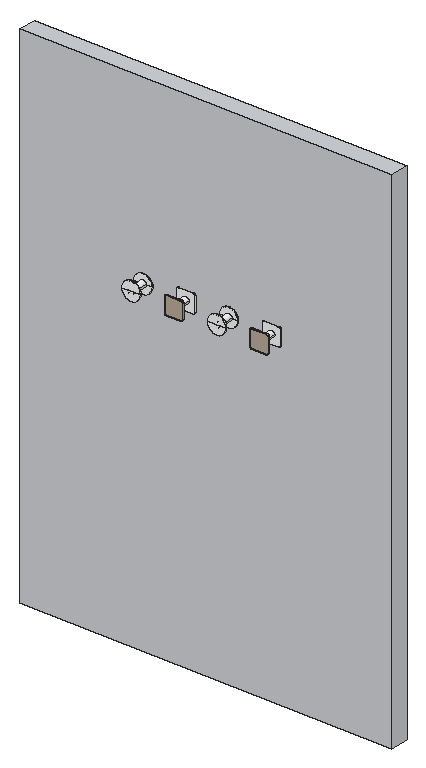
Revit family "REVIT-MG-1055-Pointo-", category Furniture, Revit 2016
Family settings
  OmniClass Number = 23.40.20.00
  OmniClass Title = General Furniture and Specialties
  Work Plane-Based = No
  Always vertical = Yes
  Cut with Voids When Loaded = No
  Shared = No
  Room Calculation Point = No
Parameters (values of type "MG-1055")
  URL = "www.magnusongroup.com"
  Type Comments = "Stand Alone"  # constant formula
  Salvage or Reuse = yes
  Percentage of Recycled Content = 0
  Model = "MG-1055"
  Manufacturer = "Magnuson Group"  # constant formula
  Low Emitting Material = yes
  Low Emitting Finish = yes
  Revit File Built By = "https://servex-us.com/servex-revit/"
  Description = "Pointo Coat Hooks"
Reference planes (in)
  plane 1 "Center Front/Back": y = 0
  plane 2: z = 0
  plane 3 "Center Left/Right": x = 0
Forms (in)
  Extrusion 1, solid
    sketch origin (0, 0, 0) x (1, 0, 0) y (0, 1, 0)
      loop
        line (-19.18512, 0) -> (41.65523, 0) -> (41.65523, 3) -> (-19.18512, 3) -> (-19.18512, 0)
    from 0 to 84
Dimensions and locks (in)
  equal spacing: nested 4, nested 2, nested 3, nested 1
  aligned and locked: level to plane 2
Automatic sketch dimensions
  plane 1 "Center Front/Back" to Extrusion 1 sketch curve = 0"
  Extrusion 1 sketch curve to plane 1 "Center Front/Back" = 3"
  Extrusion 1 sketch curve to plane 3 "Center Left/Right" = 19.18512"
  plane 3 "Center Left/Right" to Extrusion 1 sketch curve = 41.65523"
Nested families (in)
  nested 1: "Magnuson- Pointo-Coat_Hooks" at (1, 0, 53.83653) x (1, 0, 0) z (0, -1, 0), type "POINTO-10"
  nested 2: "Magnuson- Pointo-Coat_Hooks" at (15, 0, 53.83653) x (1, 0, 0) z (0, -1, 0), type "POINTO-10"
  nested 3: "Magnuson- Pointo-Coat_Hooks" at (8, 0, 53.83653) x (1, 0, 0) z (0, -1, 0), type "POINTO-20-OAK"
  nested 4: "Magnuson- Pointo-Coat_Hooks" at (22, 0, 53.83653) x (1, 0, 0) z (0, -1, 0), type "POINTO-20-OAK"
Definition of nested family "Magnuson- Pointo-Coat_Hooks"
  Parameters (values of type "POINTO-10")
    Width = 2 1/2"
    URL = "www.magnusongroup.com"
    Type Comments = "Pointo"  # constant formula
    Square = no
    Model = "POINTO-10"
    Manufacturer = "Magnuson Group"  # constant formula
    Keynote = "12500"
    Front Finish = none
    Edge Square = no
    Edge Front Finish = none
    Edge Circle = no
    Edge Back Finish = none
    Description = "Round Coated Steel hook"
    Depth = 2.99979"
    Default Elevation = 48"
    Circle = yes
    Body Finish = none
    Back Finish = none
    Assembly Code = "E2020200"
  Types (5): name | Width | Square | Model | Edge Square | Edge Circle | Description | Circle
    (no name) | 2 1/2" | no | "POINTO-10" | no | no | "Round Coated Steel hook" | yes
    POINTO-10 | 2 1/2" | no | "POINTO-10" | no | no | "Round Coated Steel hook" | yes
    POINTO-10-OAK | 2.563" | no | "POINTO-10-OAK" | no | yes | "Round Matt Oak Plywood hook" | yes
    POINTO-20 | 2 1/2" | yes | "POINTO-20" | no | no | "Square Coated Steel hook" | no
    POINTO-20-OAK | 2.563" | yes | "POINTO-20-OAK" | yes | no | "Round Matt Oak Plywood hook" | no
  Reference planes (in)
    plane 1 "Center (Front/Back)": y = 0
    plane 2: z = 0
    plane 3 "Center (Left/Right)": x = 0
    plane 4: z = 0.05
    plane 5: x = -1.5
    plane 6: x = 1.5
    plane 7: y = 1.5
    plane 8: y = -1.49979
    plane 9: z = 2.5
    plane 10: z = 2.45
    plane 11: z = 1.25
  Forms (in)
    Extrusion 1, solid
      sketch origin (0, 0, 0) x (1, 0, 0) y (0, 1, 0)
        loop
          line (-10.5, 12.5) -> (-10.5, -12.2283) -> (9.14122, -12.2283) -> (9.14122, 12.5) -> (-10.5, 12.5)
      from 0 to -12
    Revolve 2, solid, material <- "Edge Front Finish", visible <- "Circle"
      sketch origin (0, 0, 2.5) x (1, 0, 0) y (0, 0, 1)
        loop
          line (0, 0) -> (-1.5, 0) -> (-1.5, -0.05) -> (0, -0.05) -> (0, 0)
        axis (0, 0) -> (0, -0.05)
      angle from 0 to 360
    Revolve 3, solid, material <- "Body Finish"
      sketch origin (0, 0, 2.5) x (1, 0, 0) y (0, 0, 1)
        loop
          line (0, -0.05) -> (-0.53954, -0.05)
          arc (-0.53954, -0.05) -> (-0.50383, -0.07353) -> (-0.49, -0.114) r 0.06611
          line (-0.49, -0.114) -> (-0.49, -2.45) -> (0, -2.45) -> (0, -0.05)
        axis (0, -0.05) -> (0, -2.45)
      angle from 0 to 360
    Revolve 4, solid, material <- "Back Finish", visible <- "Circle"
      sketch origin (0, 0, 2.5) x (1, 0, 0) y (0, 0, 1)
        loop
          line (0, -2.45) -> (-1.5, -2.45) -> (-1.5, -2.5) -> (0, -2.5) -> (0, -2.45)
        axis (0, -2.5) -> (0, -2.45)
      angle from 0 to 360
    Extrusion 5, solid, material <- "Back Finish", visible <- "Square"
      sketch origin (0, 1.5, 0) x (0, -1, 0) y (1, 0, 0)
        loop
          line (3, -1.19142) -> (3, 1.191)
          arc (3, 1.191) -> (2.9095, 1.4095) -> (2.691, 1.5) r 0.309
          line (2.691, 1.5) -> (0.309, 1.5)
          arc (0.309, 1.5) -> (0.0905, 1.4095) -> (0, 1.191) r 0.309
          line (0, 1.191) -> (0, -1.191)
          arc (0, -1.191) -> (0.0905, -1.4095) -> (0.309, -1.5) r 0.309
          line (0.309, -1.5) -> (2.69142, -1.5)
          arc (2.69142, -1.5) -> (2.90962, -1.40962) -> (3, -1.19142) r 0.30858
      from 0 to 0.05
    Extrusion 6, solid, material <- "Edge Front Finish", visible <- "Edge Circle"
      sketch origin (0, 1.5, 0.42181) x (0, -1, 0) y (1, 0, 0)
        loop
          circle (1.5, 0) r 1.5
        loop
          circle (1.5, 0) r 1.51
      from 2.02819 to 2.07819
    Extrusion 7, solid, material <- "Edge Front Finish", visible <- "Edge Square"
      sketch origin (0.00021, 1.50021, 0) x (0, -1, 0) y (1, 0, 0)
        loop
          arc (3, 1.191) -> (2.9095, 1.4095) -> (2.691, 1.5) r 0.309
          line (2.691, 1.5) -> (0.309, 1.5)
          arc (0.309, 1.5) -> (0.0905, 1.4095) -> (0, 1.191) r 0.309
          line (0, 1.191) -> (0, -1.191)
          arc (0, -1.191) -> (0.0905, -1.4095) -> (0.309, -1.5) r 0.309
          line (0.309, -1.5) -> (2.69142, -1.5)
          arc (2.69142, -1.5) -> (2.90962, -1.40962) -> (3, -1.19142) r 0.30858
          line (3, -1.19142) -> (3, 1.191)
        loop
          line (2.691, 1.51) -> (0.309, 1.51)
          arc (0.309, 1.51) -> (0.08343, 1.41657) -> (-0.01, 1.191) r 0.319
          line (-0.01, 1.191) -> (-0.01, -1.191)
          arc (-0.01, -1.191) -> (0.08343, -1.41657) -> (0.309, -1.51) r 0.319
          line (0.309, -1.51) -> (2.69142, -1.51)
          arc (2.69142, -1.51) -> (2.91669, -1.41669) -> (3.01, -1.19142) r 0.31858
          line (3.01, -1.19142) -> (3.01, 1.191)
          arc (3.01, 1.191) -> (2.91657, 1.41657) -> (2.691, 1.51) r 0.319
      from 2.45 to 2.5
    Extrusion 8, solid, material <- "Edge Front Finish", visible <- "Square"
      sketch origin (0, 1.5, 2.3875) x (0, -1, 0) y (1, 0, 0)
        loop
          line (3, -1.19142) -> (3, 1.191)
          arc (3, 1.191) -> (2.9095, 1.4095) -> (2.691, 1.5) r 0.309
          line (2.691, 1.5) -> (0.309, 1.5)
          arc (0.309, 1.5) -> (0.0905, 1.4095) -> (0, 1.191) r 0.309
          line (0, 1.191) -> (0, -1.191)
          arc (0, -1.191) -> (0.0905, -1.4095) -> (0.309, -1.5) r 0.309
          line (0.309, -1.5) -> (2.69142, -1.5)
          arc (2.69142, -1.5) -> (2.90962, -1.40962) -> (3, -1.19142) r 0.30858
      from 0.0625 to 0.1125
  Lines and regions (in)
    symbolic lines
      curve 1: line (1.5, 0, 2.5) -> (-1.5, 0, 2.5)
      curve 2: line (-1.5, 0, 2.45) -> (1.5, 0, 2.45)
      curve 3: line (-1.5, 0, 2.5) -> (-1.5, 0, 2.45)
      curve 4: line (1.5, 0, 2.5) -> (1.5, 0, 2.45)
      curve 5: line (1.5, 0, 0.05) -> (-1.5, 0, 0.05)
      curve 6: line (-1.5, 0, 0) -> (1.5, 0, 0)
      curve 7: line (-1.5, 0, 0) -> (-1.5, 0, 0.05)
      curve 8: line (1.5, 0, 0.05) -> (1.5, 0, 0)
      curve 9: line (0.49, 0, 0.05) -> (0.49, 0, 2.37748)
      curve 10: arc (0.49, 0, 2.37748) -> (0.50357, 0, 2.4214) -> (0.53954, 0, 2.45) r 0.07784
      curve 11: line (-0.49, 0, 0.05) -> (-0.49, 0, 2.38214)
      curve 12: arc (-0.49, 0, 2.38214) -> (-0.5037, 0, 2.42415) -> (-0.53954, 0, 2.45) r 0.07125
  Dimensions and locks (in)
    locked: plane 10 to Revolve 3 sketch curve at 0.064
    "Depth": plane 7 to plane 8
    "Width": plane 9 to Extrusion 1
    locked: plane 4 to Extrusion 1 at 0.05
    equal spacing: plane 10, plane 11, plane 4, locked at 1.2 each
    aligned and locked: plane 2 to Extrusion 1
    aligned and locked: level to Extrusion 1
    aligned and locked: Revolve 3 sketch curve to plane 4
    aligned and locked: plane 10 to Revolve 3 sketch curve
    aligned and locked: Revolve 2 to plane 10
    aligned and locked: Revolve 2 to plane 9
    aligned and locked: Extrusion 8 to plane 10
    aligned and locked: plane 9 to Extrusion 8
    aligned and locked: Extrusion 6 to plane 10
    aligned and locked: plane 9 to Extrusion 6
    aligned and locked: Extrusion 7 to plane 10
    aligned and locked: plane 9 to Extrusion 7
    aligned and locked: Revolve 4 to Extrusion 1
    aligned and locked: Revolve 4 to plane 4
    aligned and locked: Extrusion 5 to Extrusion 1
    aligned and locked: plane 4 to Extrusion 5
    aligned and locked: Extrusion 7 to curve 1
    aligned and locked: Extrusion 7 to curve 2
    aligned and locked: curve 3 to Extrusion 8
    aligned and locked: curve 5 to Extrusion 5
    aligned and locked: curve 6 to Extrusion 5
    aligned and locked: curve 7 to Extrusion 5
    aligned and locked: curve 8 to Extrusion 5
    aligned and locked: curve 9 to Revolve 3
    aligned and locked: curve 11 to Revolve 3
  Automatic sketch dimensions
    Extrusion 1 sketch curve to Extrusion 1 sketch curve = 19.64122"
    Extrusion 1 sketch curve to Extrusion 1 sketch curve = 24.7283"
    plane 5 to Revolve 2 sketch curve = 0"
    Revolve 2 sketch curve to plane 3 "Center (Left/Right)" = 0"  (x2)
    plane 10 to Revolve 2 sketch curve = 0"
    plane 9 to Revolve 2 sketch curve = 0"
    Revolve 2 sketch curve to Revolve 2 sketch curve = 0.25731"
    Revolve 2 sketch curve to Revolve 2 sketch curve = 0.28675"
    Revolve 3 sketch curve to plane 3 "Center (Left/Right)" = 0"  (x2)
    Revolve 3 sketch curve to plane 3 "Center (Left/Right)" = 0.49"
    Revolve 3 sketch curve to Revolve 3 sketch curve = 0.04954"
    plane 11 to Revolve 3 sketch curve = 0.53982"
    Revolve 3 sketch curve to Revolve 3 sketch curve = 0.29768"
    plane 4 to Revolve 4 sketch curve = 0"
    plane 5 to Revolve 4 sketch curve = 0"
    Revolve 4 sketch curve to plane 3 "Center (Left/Right)" = 0"  (x2)
    level to Revolve 4 sketch curve = 0"
    plane 11 to Revolve 4 sketch curve = 3/16"
    Revolve 4 sketch curve to Revolve 4 sketch curve = 1/4"
    Extrusion 5 sketch curve to plane 7 = 0"
    Extrusion 5 sketch curve to plane 5 = 0"
    Extrusion 5 sketch curve to plane 6 = 0"
    Extrusion 5 sketch curve to plane 7 = 0.309"  (x2)
    plane 8 to Extrusion 5 sketch curve = 0.30879"
    plane 8 to Extrusion 5 sketch curve = 0.30837"
    Extrusion 5 sketch curve to plane 8 = 0.00021"
    Extrusion 6 sketch curve to Extrusion 6 sketch curve = 0"  (x2)
    plane 1 "Center (Front/Back)" to Extrusion 6 sketch curve = 0"
    Extrusion 6 sketch curve to plane 3 "Center (Left/Right)" = 0"
    Extrusion 7 sketch curve to Extrusion 7 sketch curve = 0"  (x8)
    Extrusion 7 sketch curve to plane 8 = 0"
    Extrusion 7 sketch curve to plane 5 = 0.00021"
    plane 8 to Extrusion 7 sketch curve = 79/256"
    Extrusion 7 sketch curve to plane 6 = 0.01021"
    plane 8 to Extrusion 7 sketch curve = 0.309"
    Extrusion 7 sketch curve to plane 7 = 0.30879"  (x2)
    plane 7 to Extrusion 7 sketch curve = 0.00021"
    Extrusion 7 sketch curve to Extrusion 7 sketch curve = 0.01"
    Extrusion 8 sketch curve to plane 7 = 0"
    Extrusion 8 sketch curve to plane 5 = 0"
    Extrusion 8 sketch curve to plane 6 = 0"
    Extrusion 8 sketch curve to plane 7 = 0.309"  (x2)
    plane 8 to Extrusion 8 sketch curve = 0.30879"
    plane 8 to Extrusion 8 sketch curve = 0.30837"
    Extrusion 8 sketch curve to plane 8 = 0.00021"
    plane 6 to curve 4 = 0"
    curve 10 to plane 10 = 0.07252"
    curve 9 to curve 10 = 0.07784"
    curve 12 to plane 10 = 0.06786"
    curve 12 to curve 12 = 0.02171"
    radius of Extrusion 6 sketch curve = 1 1/2"
    radius of Extrusion 6 sketch curve = 1.51"
